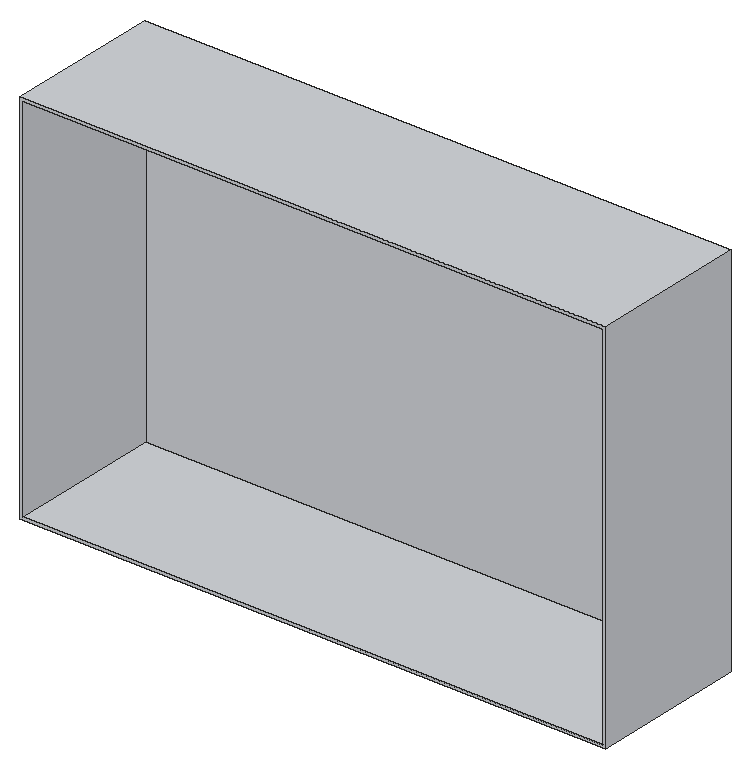
Revit family "Hager-Type B SP&N Distribution Boards-Surface_mounted-IP2XC-Without_Cover-Without_DIN-NoHosted-GB-en", category Electrical Equipment, Revit 2023
Family settings
  Panel Configuration = Two Columns, Circuits Across
  Round Connector Dimension = Use Diameter
  Part Type = Panelboard
  Work Plane-Based = Yes
  Always vertical = Yes
  Cut with Voids When Loaded = No
  Maintain Annotation Orientation = No
  Shared = No
  Room Calculation Point = No
Parameters (values of type "Type B SP&N Distribution Boards-Surface_mounted_W465_H300_D124_0_Modular_Spacing-JK201SE")
  Width Control [instance] = if([HG000006-Flush mounted], if([EF000846 - Recess width] > min_whd, [EF000846 - Recess width], min_whd), if([EF000008 - Width] > min_whd, ([EF000008 - Width]), min_whd))  # 465 mm
  Void Depth [instance] = if([EF000218 - Recess depth] > 1 mm, [EF000218 - Recess depth], 1 mm)  # 1 mm
  Uniformat code = "D501001"
  Uniformat = "Low Tension Service & Dist."
  Référence = ""
  HG000131 - Functional label [instance] = ""
  HG000130 - Functional name [instance] = ""
  HG000099-Onfly Template ID = "507532"
  HG000059-Operating voltage [instance] = 230 V
  ETIM class name = "Small distribution board"
  ETIM class code = "EC000214"
  EF015941 - Signal passing door = no
  EF015777 - Neutral terminal block = yes
  EF015776 - Earthing terminal block = yes
  EF009212 - Cover model = ""
  EF006306 - With lock = no
  EF006244 - Transparent cover/door = no
  EF005474 - Degree of protection (IP rating) = "IP2XC"
  EF004462 - Type of closure = ""
  EF002950 - Width in number of modular spacings = 0
  EF001596 - Housing material = ""
  EF001134 - With DIN-rail = no
  EF001131 - Internal depth = 0 mm
  EF001088 - Extension possible = no
  EF001062 - EMC-version = no
  EF000846 - Recess width = 0 mm
  EF000339 - Type of covering = ""
  EF000332 - Recess height = 0 mm
  EF000266 - Number of rows = 0
  EF000218 - Recess depth = 0 mm
  EF000118 - With mounting plate = no
  EF000116 - RAL number = 7035
  EF000049 - Depth = 124 mm
  EF000040 - Height = 300 mm
  EF000008 - Width = 465 mm
  EF000007 - Colour = ""
  EF000003 - Mounting method = "Surface mounted"
  EF004464 - Type of door = ""
  EF000024 - UV resistant = no
  Type Comments = ""
  System Height [instance] = Height Control - 2 * [HG000005-Thickness]  # 446 mm
  Reference description = ""
  Reference = "Type B SP&N Distribution Boards-Surface_mounted_W465_H300_D124_0_Modular_Spacing-JK201SE"
  Panel Name [instance] = ""  # (empty or 0)
  Offset [instance] = 0 mm
  Object type = ""
  Name hager = "ADD_Enclosures_EC000214"
  Name BIM&CO = "Electricity"
  Name = "Type B SP&N Distribution Boards-Surface_mounted-IP2XC-Without_Cover-Without_DIN-GB"
  Model = ""
  Level Offset [instance] = [Flush Mounted - Door Frame Width] + Offset  # 50 mm
  HGEF002950-Width in number of modular spacings = 0
  HGEF000266-Number of rows = 0
  HG000060-RAL-number = "7035"
  HG000017-Distance between poles = 18 mm
  HG000016-Door 3D visibility = yes
  HG000015-Clearance visibility = yes
  HG000014-Door on the right = yes
  HG000013-Door on the left = not([HG000014-Door on the right])  # no
  HG000012-Door swing angle = 90.00°
  HG000011-Empty rows from bottom = no
  HG000010-Asymmetric doors = no
  HG000009-Double swing door = no
  HG000008-Number of empty rows = 0
  HG000007-Number of empty columns = 0
  HG000006-Flush mounted = no
  HG000005-Thickness = 2 mm
  HG000004-Manufacturer reference = "JK201SE"
  HG000003-Range = "Type B SP&N Distribution Boards"
  HG000002-With door or cover = no
  HG000001-Number of columns = 0
  GTIN (Global Trade Item Number) = ""
  Description = ""
  Default Elevation = 1200 mm
  Creation Date = "12/17/2025 20:13:24"
  Code hager = "ADD-EC000214_EU"
  Code Uniformat = ""
  BIM&CO code = ""
  BC_VARIANT_ID = "1178541"
  BC_OBJECT_VERSION = "#1"  # constant formula
  BC_OBJECT_ID = "513818"  # constant formula
  BC_MODEL_ID = "1554192"  # constant formula
  BC_METADATA = "{\"ObjectGuid\":\"bc35c96e-cb38-443e-833d-0616858cb9ac\",\"ModelGuid\":\"8af03f69-2293-4735-a617-cc53adf55621\",\"VariantGuid\":\"8b6e323b-1b53-409a-a940-11b5a7fc5337\",\"Revision\":\"#4\",\"VariantName\":\"Template-Enclosure_EU-EC000214\"}"
  Arrow Offset [instance] = Depth Control / 8  # 18.75 mm
  Arrow Height [instance] = Depth Control - Arrow Offset  # 131.25 mm
  Host Offset [instance] = if([HG000006-Flush mounted], 0 mm, [EF000049 - Depth])  # 124 mm
  min_whd [instance] = (2 * [HG000005-Thickness]) + 1 mm  # 5 mm
  Manufacturer = "Hager"  # constant formula
  Height Control [instance] = if([HG000006-Flush mounted], if([EF000332 - Recess height] > min_whd, [EF000332 - Recess height], min_whd), if([EF000040 - Height] > min_whd, ([EF000040 - Height]), min_whd))  # 300 mm
  Flush Mounted - Door Frame Width [instance] = if(([EF000040 - Height] - [EF000332 - Recess height]) > 0 mm, if([HG000006-Flush mounted], [EF000040 - Height] - [EF000332 - Recess height], 0 mm), 0 mm)  # 0 mm
  Depth Control [instance] = if([HG000006-Flush mounted], if([EF000218 - Recess depth] > 0 mm, [EF000218 - Recess depth], 1 mm), if([EF000049 - Depth] > 0 mm, ([EF000049 - Depth]), 1 mm))  # 124 mm
Types (2, lengths in mm): name | EF015777 - Neutral terminal block | EF000040 - Height | Reference | HG000004-Manufacturer reference | BC_VARIANT_ID | Height Control
  Type B SP&N Distribution Boards-Surface_mounted_W465_H300_D124_0_Modular_Spacing-JK201SE | yes | 300 | "Type B SP&N Distribution Boards-Surface_mounted_W465_H300_D124_0_Modular_Spacing-JK201SE" | "JK201SE" | "1178541" | 300
  Type B SP&N Distribution Boards-Surface_mounted_W465_H450_D124_0_Modular_Spacing-JK202LE | no | 450 | "Type B SP&N Distribution Boards-Surface_mounted_W465_H450_D124_0_Modular_Spacing-JK202LE" | "JK202LE" | "1178542" | 450
Reference planes
  plane 1 "Center (Front/Back)": y = 0
  plane 2: z = 0
  plane 3 "Center (Left/Right)": x = 0
  plane 4: y = 2
  plane 5: y = 0
  plane 6: y = 0
  plane 7: z = 0
  plane 8: x = -232.5
  plane 9: x = 232.5
  plane 10: x = 230.5
  plane 11: x = -230.5
  plane 12: z = 50
  plane 13: z = 52
  plane 14: y = -119
  plane 15: y = -124
  plane 16: y = -2
  plane 17: z = 348
  plane 18: z = 350
  plane 19: z = 200
  plane 20: x = 0
  plane 21: y = -100
  plane 22 "Annotation H": y = -300
  plane 23 "Annotation V": x = 432.5
Forms (mm)
  Extrusion 1, solid
    sketch origin (-208.679, -4572, 50) x (-1, 0, 0) y (0, -1, 0)
      loop
        line (23.821, -4448) -> (-441.179, -4448) -> (-441.179, -4572) -> (23.821, -4572) -> (23.821, -4448)
    from 0 to 300 <- "Height Control"
  Extrusion 2, void
    sketch origin (-350.771, -124, 1219.2) x (1, 0, 0) y (0, 0, 1)
      loop
        line (120.271, -871.2) -> (120.271, -1167.2) -> (581.271, -1167.2) -> (581.271, -871.2) -> (120.271, -871.2)
    from 0 to -122
  Extrusion 3, solid, detail levels coarse+medium
    sketch origin (-350.771, -124, 1219.2) x (-1, 0, 0) y (0, 0, 1)
      loop
        line (-120.271, -871.2) -> (-581.271, -871.2) -> (-581.271, -1167.2) -> (-120.271, -1167.2) -> (-120.271, -871.2)
    from 0 to 2 <- "HG000005-Thickness"
Cuts and joins
  Extrusion 2 cuts Extrusion 1
Dimensions and locks
  "Flush Mounted - Door Frame Width": plane 1 "Center (Front/Back)" to plane 6
  "HG000005-Thickness": plane 4 to plane 6
  "HG000005-Thickness": plane 8 to plane 11
  "HG000005-Thickness": plane 9 to plane 10
  equal spacing: plane 8, plane 3 "Center (Left/Right)", plane 9
  "Width Control": plane 8 to plane 9
  locked: plane 14 to plane 15 at 5
  "Host Offset": plane 1 "Center (Front/Back)" to plane 15
  "Depth Control": plane 5 to plane 15
  "HG000005-Thickness": plane 5 to plane 16
  "HG000005-Thickness": plane 13 to plane 12
  "Level Offset": plane 12 to level
  "HG000005-Thickness": plane 18 to plane 17
  "Height Control": plane 18 to plane 12
  "Arrow Offset": plane 5 to nested 4
  equal spacing: plane 18, plane 19, plane 12
  locked: connector elem to plane 19
  locked: connector elem to plane 3 "Center (Left/Right)"
  Extrusion 2 sketch curve to Extrusion 2 sketch curve to plane 9 = 461 mm, 2 mm
  locked: plane 9 to plane 23 "Annotation V" at 200
  locked: plane 22 "Annotation H" to plane 1 "Center (Front/Back)" at 300
  aligned and locked: nested 1 to plane 14
  aligned and locked: plane 3 "Center (Left/Right)" to nested 1
  aligned and locked: plane 3 "Center (Left/Right)" to nested 2
  aligned and locked: nested 2 to plane 15
  aligned and locked: plane 5 to Extrusion 1
  aligned and locked: Extrusion 3 sketch curve to plane 17
  aligned and locked: Extrusion 3 sketch curve to plane 11
  aligned and locked: Extrusion 3 sketch curve to plane 13
  aligned and locked: Extrusion 3 sketch curve to plane 10
  aligned and locked: Extrusion 2 sketch curve to plane 13
  aligned and locked: Extrusion 2 sketch curve to plane 17
  aligned and locked: plane 16 to Extrusion 2
  aligned and locked: plane 5 to Extrusion 1 sketch curve
  aligned and locked: plane 9 to Extrusion 1 sketch curve
  aligned and locked: plane 8 to Extrusion 1 sketch curve
  aligned and locked: plane 8 to nested 4
  aligned and locked: plane 8 to nested 3
  aligned and locked: nested 3 to plane 5
  aligned and locked: Extrusion 1 sketch curve to plane 15
  aligned and locked: Extrusion 2 to plane 15
  aligned and locked: nested 5 to plane 22 "Annotation H"
  aligned and locked: plane 23 "Annotation V" to nested 5
  aligned and locked: plane 11 to Extrusion 2
  aligned and locked: plane 10 to Extrusion 2
Nested families
  nested 1: "Hager_Enclosure_System" at (0, -119, 52), Flush_Mounted <- "HG000006-Flush mounted", Height <- "System Height", Width_Control <- "Width Control", Row_Module_Multiplicator <- "HGEF002950-Width in number of modular spacings", Empty_Columns <- "HG000007-Number of empty columns", Border <- "HG000005-Thickness", Total_No_Empty_Rows <- "HG000008-Number of empty rows", Depth <- "HG000005-Thickness", Empty_Rows_From_Bottom <- "HG000011-Empty rows from bottom", Distance_Between_Poles <- "HG000017-Distance between poles", Rows_Count <- "HGEF000266-Number of rows", Columns_Count <- "HG000001-Number of columns", Built-in_Width <- "EF000846 - Recess width", Width <- "EF000008 - Width", type "Hager_Enclosure_System", detail levels medium+fine
    with Width_Control 465 mm, Width 465 mm, Total_No_Rows 0, Total_No_Empty_Rows 0, Total_No_Columns 1, System_Width 461 mm, Rows_Count 0, Rows_Column 0, Row_Module_Multiplicator 0, Panel_4 no, Panel_3 no, Panel_2 no, Panel_1 no, No_Panels_Ctrl 1, Hide_Columns yes, Height 446 mm, Flush_Mounted no, Empty_Rows_From_Bottom no, Empty_Rows_Column 0, Empty_Columns 0, Empty column 4 0, Empty column 3 0, Empty column 2 0, Empty column 1 0, Distance_Between_Poles 18 mm, Depth 2 mm, Columns_Count 0, Column_Width 461 mm, Built-in_Width 0 mm, Border 2 mm
  nested 2: "Hager_Enclosure_Door" at (0, -124, 50), Double <- "HG000009-Double swing door", Height_Ctrl <- "Height Control", Angle <- "HG000012-Door swing angle", Door_Right <- "HG000014-Door on the right", Assymetrical <- "HG000010-Asymmetric doors", Flush_Mounted <- "HG000006-Flush mounted", Door <- "HG000002-With door or cover", Width_Ctrl <- "Width Control", 3d_Door <- "HG000016-Door 3D visibility", Border <- "HG000005-Thickness", Clearance <- "HG000015-Clearance visibility", Door_Left <- "HG000013-Door on the left", BuiltIn_Depth <- "EF000218 - Recess depth", Depth <- "EF000049 - Depth", BuiltIn_Width <- "EF000846 - Recess width", Height <- "EF000040 - Height", BuiltIn_Height <- "EF000332 - Recess height", Width <- "EF000008 - Width", Transparent <- "EF006244 - Transparent cover/door", type "Hager_Enclosure_Door", detail levels medium+fine
    with min_wh 5 mm, Width_Ctrl 465 mm, Width 465 mm, Transparent_Door_No_Bottom_Border no, Transparent no, Leaf_Width 458 mm, Leaf_Tolerance 1.5 mm, Leaf_Height 293 mm, Leaf_2_Width 458 mm, Leaf_2_Offset 229 mm, Leaf_1_Width 458 mm, Leaf_1_Offset 229 mm, Height_Ctrl 300 mm, Height 300 mm, Frame_Width_Ctrl 465 mm, Frame_Width 465 mm, Frame_Internal_Offset 0 mm, Frame_Height_Ctrl 300 mm, Frame_Height 300 mm, Frame_Depth_Ctrl 1 mm, Frame_Depth 0 mm, Flush_Mounted no, Double_Clearance_Ctrl no, Double no, Door_Right_Ctrl no, Door_Right yes, Door_Left_Ctrl no, Door_Left no, Door no, Depth 124 mm, Clearance_Depth 458 mm, Clearance_Ctrl yes, Clearance yes, BuiltIn_Width 0 mm, BuiltIn_Height 0 mm, BuiltIn_Depth 0 mm, Border 2 mm, Assymetrical no, Angle 90.00°, 3d_Door yes
  nested 3: "Hager_Enclosure_Symbol_Triangle" at (-232.5, 0, 0), Depth <- "Depth Control", Width <- "Width Control", type "Hager_Enclosure_Symbol_Triangle"
    with Width_Ctrl 465 mm, Width 465 mm, Depth_Ctrl 124 mm, Depth 124 mm
  nested 4: "Hager_Enclosure_Symbol_Arrow" at (-232.5, -18.75, 0), Height <- "Arrow Height", type "Hager_Enclosure_Symbol_Arrow"
    with Width_Inside 9.844 mm, Width 118.125 mm, Height_Ctrl 131.25 mm, Height 131.25 mm
  nested 5: "Hager_Annotation-HG000130" at (432.5, -300, 0), HG000130 - Functional name <- "HG000130 - Functional name", type "Hager_Annotation-HG000130"
    with HG000130 - Functional name ""
Connectors
  electrical at (0, 0, 200), driven by "HG000059-Operating voltage"
    settings: on plane 5, index 1, voltage 230 V, apparent load 0 VA, apparent load phase1 0 VA, apparent load phase2 0 VA, apparent load phase3 0 VA, power factor 1, load classification "Other", number of poles 1, system type 30, power factor state 1, is connector primary yes, connector utility no, sub classification motor no, connector description ""
Definition of nested family "Hager_Enclosure_Door"
  Parameters (values of type "Hager_Enclosure_Door")
    min_wh [instance] = (2 * Border) + 1 mm  # 11 mm
    Width_Ctrl [instance] = 400 mm
    Width [instance] = 500 mm
    Transparent_Door_No_Bottom_Border [instance] = no
    Transparent [instance] = yes
    Leaf_Width [instance] = if((Width_Ctrl - 2 * Border - 2 * Leaf_Tolerance) > 0 mm, (Width_Ctrl - 2 * Border - 2 * Leaf_Tolerance), min_wh)  # 387 mm
    Leaf_Tolerance [instance] = 1.5 mm  # constant formula
    Leaf_Height [instance] = if((Height_Ctrl - 2 * Border - 2 * Leaf_Tolerance) > 0 mm, (Height_Ctrl - 2 * Border - 2 * Leaf_Tolerance), min_wh)  # 387 mm
    Leaf_2_Width [instance] = if(and(and(Double, Assymetrical), Door_Left), (Leaf_Width / 3) - (Leaf_Tolerance / 2), if(and(and(Double, Assymetrical), Door_Right), (Leaf_Width / 3) * 2 - (Leaf_Tolerance / 2), if(and(Double, not(Assymetrical)), (Leaf_Width / 2) - Leaf_Tolerance, Leaf_Width)))  # 387 mm
    Leaf_2_Offset [instance] = if(and(Double, Assymetrical), Leaf_2_Width / 2, if(and(Double, not(Assymetrical)), Leaf_Width / 4, Leaf_Width / 2))  # 193.5 mm
    Leaf_1_Width [instance] = if(and(and(Double, Assymetrical), Door_Right), (Leaf_Width / 3) - (Leaf_Tolerance / 2), if(and(and(Double, Assymetrical), Door_Left), (Width / 3) * 2 - (Leaf_Tolerance / 2), if(and(Double, not(Assymetrical)), (Leaf_Width / 2) - Leaf_Tolerance, Leaf_Width)))  # 387 mm
    Leaf_1_Offset [instance] = if(and(Double, Assymetrical), Leaf_1_Width / 2, if(and(Double, not(Assymetrical)), Leaf_Width / 4, Leaf_Width / 2))  # 193.5 mm
    Height_Ctrl [instance] = 400 mm
    Height [instance] = 500 mm
    Frame_Width_Ctrl [instance] = if(Frame_Width > 0 mm, Frame_Width, 1 mm)  # 1 mm
    Frame_Width [instance] = Width - BuiltIn_Width  # 0 mm
    Frame_Internal_Offset [instance] = if(Flush_Mounted, Border, 0 mm)  # 5 mm
    Frame_Height_Ctrl [instance] = if(Frame_Height > 0 mm, Frame_Height, 1 mm)  # 1 mm
    Frame_Height [instance] = Height - BuiltIn_Height  # 0 mm
    Frame_Depth_Ctrl [instance] = if(Frame_Depth > 0 mm, Frame_Depth, 1 mm)  # 1 mm
    Frame_Depth [instance] = if(Depth - BuiltIn_Depth > 0 mm, if(Flush_Mounted, Depth - BuiltIn_Depth, 0 mm), 0 mm)  # 0 mm
    Flush_Mounted [instance] = yes
    Double_Clearance_Ctrl [instance] = and(Double, Clearance)  # no
    Double [instance] = no
    Door_Right_Ctrl [instance] = and(or(Door_Right, Double), Door)  # yes
    Door_Right [instance] = yes
    Door_Left_Ctrl [instance] = and(or(Door_Left, Double), Door)  # no
    Door_Left [instance] = no
    Door [instance] = yes
    Depth [instance] = 500 mm
    Default Elevation = 1219.2 mm
    Clearance_Material = none
    Clearance_Depth [instance] = if(Leaf_1_Width > Leaf_2_Width, Leaf_1_Width, Leaf_2_Width)  # 387 mm
    Clearance_Ctrl [instance] = and(not(Double), Clearance)  # yes
    Clearance [instance] = yes
    BuiltIn_Width [instance] = 500 mm
    BuiltIn_Height [instance] = 500 mm
    BuiltIn_Depth [instance] = 500 mm
    Border [instance] = 5 mm
    Assymetrical [instance] = yes
    Angle [instance] = 30.00°
    3d_Door [instance] = yes
  Reference planes
    plane 1 "Center (Front/Back)": y = 0
    plane 2 "Bottom": z = 0
    plane 3 "Center (Left/Right)": x = 0
    plane 4: z = 400
    plane 5: x = -200
    plane 6: x = 200
    plane 7: z = 395
    plane 8: x = -195
    plane 9: z = 5
    plane 10: x = 195
    plane 11: y = 0
    plane 12: z = 6.5
    plane 13: x = -582
    plane 14: y = -387
    plane 15: x = 582
    plane 16: x = 0
    plane 17: x = 0
    plane 18: x = -193.5
    plane 19: x = 193.5
    plane 20: z = 393.5
  Forms (mm)
    Extrusion 1, solid, visible <- "Flush_Mounted"
      sketch origin (0, 0, 0) x (1, 0, 0) y (0, 0, 1)
        loop
          line (195, 5) -> (195, 395) -> (-195, 395) -> (-195, 5) -> (195, 5)
        loop
          line (-201, 401) -> (-201, -1) -> (201, -1) -> (201, 401) -> (-201, 401)
      from 0 to 1 <- "Frame_Depth_Ctrl"
    Extrusion 2, solid, material <- "Clearance_Material", visible <- "Double_Clearance_Ctrl"
      sketch origin (1200, 0, 0) x (1, 0, 0) y (0, 0, -1)
        loop
          line (-1782, -393.5) -> (-618, -393.5) -> (-618, 0) -> (-1782, 0) -> (-1782, -393.5)
      from 0 to -387
  Dimensions and locks
    equal spacing: plane 5, plane 3 "Center (Left/Right)", plane 6
    "Width_Ctrl": plane 5 to plane 6
    "Border": plane 5 to plane 8
    "Border": plane 6 to plane 10
    "Border": plane 9 to level
    "Border": plane 4 to plane 7
    "Height_Ctrl": plane 4 to level
    "Leaf_Tolerance": plane 12 to plane 9
    "Frame_Depth": plane 11 to plane 1 "Center (Front/Back)"
    "Frame_Width_Ctrl": plane 5 to Extrusion 1 sketch curve
    "Frame_Width_Ctrl": plane 6 to Extrusion 1 sketch curve
    "Frame_Width_Ctrl": Extrusion 1 sketch curve to plane 4
    "Frame_Width_Ctrl": plane 2 "Bottom" to Extrusion 1 sketch curve
    "Leaf_1_Offset": plane 18 to plane 16
    "Leaf_2_Offset": plane 17 to plane 19
    "Leaf_1_Width": plane 13 to plane 8
    "Leaf_2_Width": plane 10 to plane 15
    "Clearance_Depth": plane 14 to plane 1 "Center (Front/Back)"
    "Leaf_Tolerance": plane 8 to plane 18
    "Leaf_Tolerance": plane 19 to plane 10
    "Leaf_Tolerance": plane 7 to plane 20
    "Frame_Internal_Offset": plane 5 to Extrusion 1 sketch curve
    "Frame_Internal_Offset": Extrusion 1 sketch curve to plane 2 "Bottom"
    "Frame_Internal_Offset": plane 6 to Extrusion 1 sketch curve
    "Frame_Internal_Offset": plane 4 to Extrusion 1 sketch curve
    aligned and locked: level to plane 2 "Bottom"
    aligned and locked: nested 1 to plane 16
    aligned and locked: nested 2 to plane 17
    aligned and locked: Extrusion 2 to plane 13
    aligned and locked: plane 15 to Extrusion 2
    aligned and locked: Extrusion 2 to plane 14
    aligned and locked: plane 12 to nested 1
    aligned and locked: nested 2 to plane 12
    aligned and locked: Extrusion 2 to plane 11
    aligned and locked: plane 20 to Extrusion 2
    aligned and locked: nested 2 to plane 11
    aligned and locked: nested 1 to plane 11
  Automatic sketch dimensions
    Extrusion 2 sketch curve to level = 0 mm
    plane 5 to Extrusion 2 sketch curve = 382 mm
    plane 6 to Extrusion 2 sketch curve = 382 mm
    Extrusion 2 sketch curve to plane 4 = 6.5 mm
  Nested families
    nested 1: "Hager_Enclosure_Door_Leaf" at (0, 0, 6.5), Width <- "Leaf_1_Width", visible <- "Door_Left_Ctrl", Leaf_Height <- "Leaf_Height", Angle <- "Angle", Depth <- "Border", 3d_Door <- "3d_Door", Transparent <- "Transparent", Clearance Material <- "Clearance_Material", Clearance <- "Clearance_Ctrl", Transparent_Door_No_Bottom_Border <- "Transparent_Door_No_Bottom_Border", type "Hager_Enclosure_Door_Leaf"
      with Width 387 mm, Transparent_Door_No_Bottom_Border no, Transparent_Door_Border_Bottom_Top 25 mm, Transparent_Door_Border 25 mm, Transparent_Ctrl yes, Transparent yes, Standard no, Leaf_Height 387 mm, Glass_Offset 1 mm, Depth 5 mm, Clearance Material none, Clearance yes, Angle_Ctrl 30.00°, Angle 30.00°, 3d_Door yes
    nested 2: "Hager_Enclosure_Door_Leaf" at (0, 0, 6.5) x (-1, 0, 0) z (0, 0, 1), Width <- "Leaf_2_Width", visible <- "Door_Right_Ctrl", Leaf_Height <- "Leaf_Height", Angle <- "Angle", Depth <- "Border", 3d_Door <- "3d_Door", Transparent <- "Transparent", Clearance Material <- "Clearance_Material", Clearance <- "Clearance_Ctrl", Transparent_Door_No_Bottom_Border <- "Transparent_Door_No_Bottom_Border", type "Hager_Enclosure_Door_Leaf"
      with Width 387 mm, Transparent_Door_No_Bottom_Border no, Transparent_Door_Border_Bottom_Top 25 mm, Transparent_Door_Border 25 mm, Transparent_Ctrl yes, Transparent yes, Standard no, Leaf_Height 387 mm, Glass_Offset 1 mm, Depth 5 mm, Clearance Material none, Clearance yes, Angle_Ctrl 30.00°, Angle 30.00°, 3d_Door yes
  Definition of nested family "Hager_Enclosure_Door_Leaf"
    Parameters (values of type "Hager_Enclosure_Door_Leaf")
      Width [instance] = 2000 mm
      Transparent_Door_No_Bottom_Border [instance] = yes
      Transparent_Door_Border_Bottom_Top [instance] = if(Transparent_Door_No_Bottom_Border, 0.1 mm, Transparent_Door_Border)  # 0.1 mm
      Transparent_Door_Border [instance] = if(Transparent_Door_No_Bottom_Border, (Width * 0.12), 25 mm)  # 240 mm
      Transparent_Ctrl [instance] = and(Transparent, [3d_Door])  # yes
      Transparent [instance] = yes
      Standard [instance] = and(not(Transparent), [3d_Door])  # no
      Leaf_Height [instance] = 2720.336 mm
      Glass_Offset [instance] = if((Depth - 10 mm) / 2 > 0 mm, (Depth - 10 mm) / 2, 1 mm)  # 15 mm
      Glass_Material = none
      Depth [instance] = 40 mm
      Default Elevation = 0 mm
      Clearance Material [instance] = none
      Clearance [instance] = yes
      Angle_Ctrl [instance] = if(Angle > 170.00°, 170.00°, Angle)  # 45.00°
      Angle [instance] = 45.00°
      3d_Door [instance] = yes
    Reference planes
      plane 1 "Center (Front/Back)": y = 0
      plane 2: z = 0
      plane 3 "Center (Left/Right)": x = 0
      plane 4: y = 2000
      plane 5: x = -1000
      plane 6: x = 1000
      plane 7: x = -3000
      plane 8: z = 2720.336
      plane 9: z = 0.1
      plane 10: z = 2720.236
      plane 11: x = 760
      plane 12: x = -760
    Forms (mm)
      Extrusion 1, solid, material <- "Clearance Material", visible <- "Clearance"
        sketch origin (0, 0, 0) x (1, 0, 0) y (0, 0, 1)
          loop
            line (-3000, 2720.336) -> (-3000, 0) -> (1000, 0) -> (1000, 2720.336) -> (-3000, 2720.336)
        from 0 to -2000
      Extrusion 2, solid, visible <- "Standard", detail levels medium+fine
        sketch origin (-1000, 0, 0) x (0.707107, 0.707107, 0) y (-0.707107, 0.707107, 0)
          loop
            line (0, -40) -> (2000, -40) -> (2000, 0) -> (0, 0) -> (0, -40)
        from 0 to 2720.336 <- "Leaf_Height"
      Extrusion 3, solid, visible <- "Transparent_Ctrl", detail levels medium+fine
        sketch origin (-1000, 0, 0) x (0.707107, 0.707107, 0) y (-0.707107, 0.707107, 0)
          loop
            line (0, -40) -> (2000, -40) -> (2000, 0) -> (0, 0) -> (0, -40)
        from 0 to 2720.336 <- "Leaf_Height"
      Extrusion 4, void, detail levels medium+fine
        sketch origin (-1000, 0, 0) x (-0.707107, 0.707107, 0) y (0.707107, 0.707107, 0)
          loop
            line (0, 240) -> (0, 1760) -> (-40, 1760) -> (-40, 240) -> (0, 240)
        from -2720.236 to -0.1
      Extrusion 5, solid, material <- "Glass_Material", visible <- "Transparent_Ctrl", detail levels medium+fine
        sketch origin (-1000, 0, 0) x (0.707107, 0.707107, 0) y (-0.707107, 0.707107, 0)
          loop
            line (240, -15) -> (240, -25) -> (1760, -25) -> (1760, -15) -> (240, -15)
        from 0.1 to 2720.236
    Cuts and joins
      Extrusion 4 cuts Extrusion 3
    Lines and regions (mm)
      symbolic lines
        curve 1: line (1000, 0, 0) -> (-3000, 0, 0)
        curve 2: arc (1000, 0, 0) -> (-1000, 2000, 0) -> (-3000, 0, 0) r 2000
        curve 4: line (-1000, 0, 0) -> (414.214, 1414.214, 0)
      reference lines
        curve 3: line (-1000, 0, 0) -> (414.214, 1414.214, 0)
      symbolic lines, detail levels medium+fine
        curve 5: line (414.214, 1414.214, 0) -> (442.498, 1385.929, 0)
        curve 6: line (442.498, 1385.929, 0) -> (-971.716, -28.284, 0)
        curve 7: line (-971.716, -28.284, 0) -> (-1000, 0, 0)
        curve 8: line (-1000, 0, 2720.336) -> (1000, 0, 2720.336)
        curve 9: line (-1000, 0, 0) -> (-1000, 0, 2720.336)
        curve 10: line (1000, 0, 0) -> (-1000, 0, 0)
        curve 11: line (1000, 0, 2720.336) -> (1000, 0, 0)
      symbolic lines, visible <- "Transparent_Ctrl", detail levels medium+fine
        curve 12: line (-760, 0, 2720.236) -> (760, 0, 2720.236)
        curve 13: line (-760, 0, 0.1) -> (-760, 0, 2720.236)
        curve 14: line (760, 0, 0.1) -> (-760, 0, 0.1)
        curve 15: line (760, 0, 2720.236) -> (760, 0, 0.1)
    Dimensions and locks
      "Width": plane 1 "Center (Front/Back)" to plane 4
      equal spacing: plane 5, plane 3 "Center (Left/Right)", plane 6
      "Width": plane 5 to plane 6
      "Width": plane 7 to plane 5
      "Leaf_Height": plane 8 to level
      "Depth": curve 6 to curve 3
      "Width": curve 5 to curve 3
      "Width": curve 3 to curve 3
      "Transparent_Door_Border": Extrusion 4 sketch curve to curve 7
      "Transparent_Door_Border": Extrusion 4 sketch curve to curve 5
      "Transparent_Door_Border_Bottom_Top": plane 8 to plane 10
      "Transparent_Door_Border_Bottom_Top": plane 9 to level
      "Glass_Offset": Extrusion 5 sketch curve to curve 4
      "Glass_Offset": Extrusion 5 sketch curve to curve 6
      "Transparent_Door_Border": Extrusion 5 sketch curve to curve 5
      "Transparent_Door_Border": Extrusion 5 sketch curve to curve 7
      "Transparent_Door_Border": plane 12 to plane 5
      "Transparent_Door_Border": plane 6 to plane 11
      "Angle_Ctrl": angle plane 1 "Center (Front/Back)" to curve 3
      aligned and locked: level to plane 2
      aligned and locked: Extrusion 1 to curve 1
      aligned and locked: plane 6 to Extrusion 1
      aligned and locked: Extrusion 1 to plane 1 "Center (Front/Back)"
      aligned and locked: plane 4 to Extrusion 1
      aligned and locked: plane 8 to Extrusion 1
      aligned and locked: curve 4 to curve 3
      aligned and locked: Extrusion 2 sketch curve to curve 7
      aligned and locked: Extrusion 2 sketch curve to curve 6
      aligned and locked: Extrusion 2 sketch curve to curve 5
      aligned and locked: Extrusion 2 sketch curve to curve 3
      aligned and locked: curve 7 to Extrusion 3 sketch curve
      aligned and locked: Extrusion 3 sketch curve to curve 4
      aligned and locked: Extrusion 3 sketch curve to curve 6
      aligned and locked: Extrusion 3 sketch curve to curve 5
      aligned and locked: curve 4 to Extrusion 4 sketch curve
      aligned and locked: curve 6 to Extrusion 4 sketch curve
      aligned and locked: Extrusion 4 to plane 9
      aligned and locked: Extrusion 4 to plane 10
      aligned and locked: Extrusion 5 to plane 9
      aligned and locked: Extrusion 5 to plane 10
      aligned and locked: curve 8 to plane 8
      aligned and locked: plane 5 to curve 9
      aligned and locked: plane 2 to curve 10
      aligned and locked: curve 11 to plane 6
      aligned and locked: plane 10 to curve 12
      aligned and locked: plane 12 to curve 13
      aligned and locked: curve 14 to plane 9
      aligned and locked: plane 11 to curve 15
    Automatic sketch dimensions
      plane 1 "Center (Front/Back)" to curve 2 = 0 mm
      curve 2 to plane 5 = 0 mm
      Extrusion 1 sketch curve to level = 0 mm
      Extrusion 1 sketch curve to plane 7 = 0 mm
      Extrusion 1 sketch curve to plane 6 = 0 mm
      Extrusion 1 sketch curve to plane 8 = 0 mm
      plane 1 "Center (Front/Back)" to curve 3 = 0 mm
      curve 3 to plane 5 = 0 mm
      curve 7 to curve 3 = 0 mm
Definition of nested family "Hager_Enclosure_Symbol_Triangle"
  Parameters (values of type "Hager_Enclosure_Symbol_Triangle")
    Width_Ctrl [instance] = if(Width > 1 mm, Width, 1 mm)  # 498 mm
    Width [instance] = 498 mm
    Depth_Ctrl [instance] = if(Depth > 1 mm, Depth, 1 mm)  # 72 mm
    Depth [instance] = 72 mm
  Reference planes
    plane 1 "Centre (avant/arrière)": y = 0
    plane 2: z = 0
    plane 3 "Centre (gauche/droite)": x = 0
  Lines and regions (mm)
    Filled region 1, type "Solid_Black", in view "Niveau de réf."
      outline origin (0, 0, 0) x (1, 0, 0) y (0, 1, 0)
        loop
          line (0, 0) -> (498, 0) -> (498, 72) -> (0, 0)
    reference lines, in view "Niveau de réf."
      curve 1: line (-206.153, 72, 0) -> (1083.258, 72, 0)
      curve 2: line (498, 405.456, 0) -> (498, -517.619, 0)
  Dimensions and locks
    "Depth_Ctrl": plane 1 "Centre (avant/arrière)" to curve 1
    "Width_Ctrl": plane 3 "Centre (gauche/droite)" to curve 2
    aligned and locked: curve 1 to Filled region 1 sketch curve
    aligned and locked: Filled region 1 sketch curve to plane 1 "Centre (avant/arrière)"
    aligned and locked: curve 2 to Filled region 1 sketch curve
    aligned and locked: plane 3 "Centre (gauche/droite)" to Filled region 1 sketch curve
    aligned and locked: plane 1 "Centre (avant/arrière)" to Filled region 1 sketch curve
  Automatic sketch dimensions
    curve 1 to plane 3 "Centre (gauche/droite)" = 206.153 mm
    curve 2 to curve 1 = 585.258 mm
    plane 1 "Centre (avant/arrière)" to curve 2 = 517.619 mm
    curve 2 to plane 1 "Centre (avant/arrière)" = 405.456 mm
Definition of nested family "Hager_Enclosure_Symbol_Arrow"
  Parameters (values of type "Hager_Enclosure_Symbol_Arrow")
    Width_Inside [instance] = if(Width / 12 > 2 mm, Width / 12, 2 mm)  # 4.987 mm
    Width [instance] = if(Height_Ctrl * 0.9 > 2 mm, Height_Ctrl * 0.9, 2 mm)  # 59.85 mm
    Height_Ctrl [instance] = if(Height > 2 mm, Height, 2 mm)  # 66.5 mm
    Height [instance] = 66.5 mm
  Reference planes
    plane 1 "Centre (avant/arrière)": y = 0
    plane 2: z = 0
    plane 3 "Centre (gauche/droite)": x = 0
    plane 4: x = 59.85
    plane 5: y = 28.263
    plane 6: y = 38.238
    plane 7: y = 66.5
    plane 8: x = 29.925
    plane 9: y = 33.25
  Lines and regions (mm)
    Filled region 1, type "Solid_Black", in view "Niveau de réf."
      outline origin (0, 0, 0) x (1, 0, 0) y (0, 1, 0)
        loop
          line (59.85, 66.5) -> (37.929, 52.827) -> (51.846, 41.935) -> (59.85, 66.5)
    detail lines, in view "Niveau de réf."
      curve 1: line (0, 0, 0) -> (29.925, 38.238, 0)
      curve 2: line (29.925, 38.238, 0) -> (29.925, 28.263, 0)
      curve 3: line (29.925, 28.263, 0) -> (59.85, 66.5, 0)
  Dimensions and locks
    "Width": plane 3 "Centre (gauche/droite)" to plane 4
    "Height_Ctrl": plane 7 to plane 1 "Centre (avant/arrière)"
    equal spacing: plane 3 "Centre (gauche/droite)", plane 8, plane 4
    equal spacing: plane 7, plane 9, plane 1 "Centre (avant/arrière)"
    equal spacing: plane 6, plane 9, plane 5
    "Width_Inside": plane 6 to plane 9
    equal spacing: curve 3, Filled region 1 sketch curve, Filled region 1 sketch curve
    angle Filled region 1 sketch curve to curve 3 = 20.00°
    angle curve 3 to Filled region 1 sketch curve = 20.00°
    locked: curve 3 to Filled region 1 sketch curve (angle 90.00°)
  Automatic sketch dimensions
    plane 1 "Centre (avant/arrière)" to curve 1 = 0 mm
    curve 1 to plane 3 "Centre (gauche/droite)" = 0 mm
    curve 2 to plane 6 = 0 mm
    curve 3 to plane 8 = 0 mm
    curve 3 to plane 4 = 0 mm
    curve 2 to plane 5 = 0 mm
    curve 3 to plane 7 = 0 mm
    Filled region 1 sketch curve to plane 4 = 0 mm
    Filled region 1 sketch curve to plane 7 = 0 mm
Definition of nested family "Hager_Annotation-HG000130"
  Parameters (values of type "Hager_Annotation-HG000130")
    HG000130 - Functional name [instance] = ""
  Reference planes
    plane 1: y = 0
    plane 2: x = 0
  Lines and regions (mm)
    detail lines
      curve 1: line (-27.5, 10, 0) -> (27.5, 10, 0)
      curve 2: line (-27.5, -10, 0) -> (-27.5, 10, 0)
      curve 3: line (27.5, -10, 0) -> (-27.5, -10, 0)
      curve 4: line (27.5, 10, 0) -> (27.5, -10, 0)
  Text (mm)
    label "HG000130 - Functional name" at (0.16, 0.026, 0), shows "HG000130 - Functional name"
